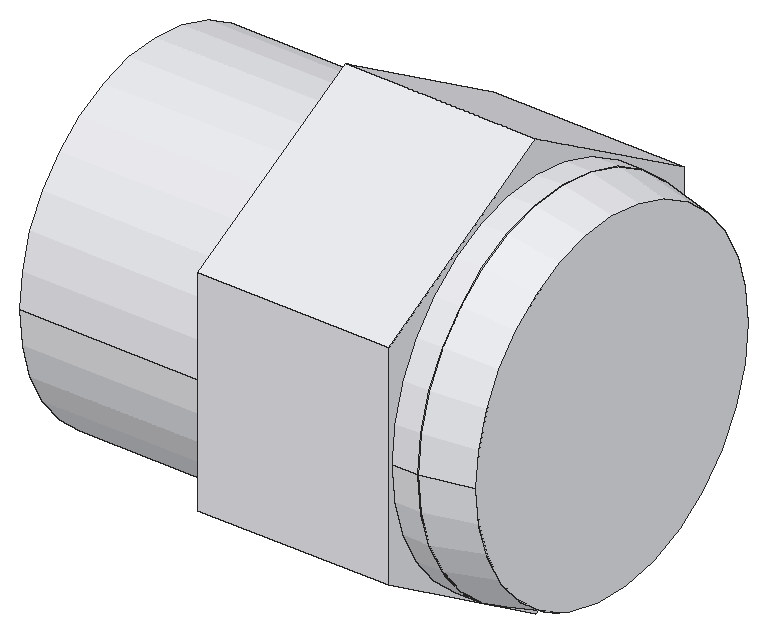
Revit family "PF_Соединение [фитинг полипропиленовый - переход на внутренюю резьбу VTp.702.0]1 - VALTEC", category Соединительные детали трубопроводов, Revit 2019
Family settings
  Размер круглого соединителя = Использовать диаметр
  Тип детали = Соединение
  На основе рабочей плоскости = Нет
  Всегда вертикально = Да
  При загрузке вырезать с полостями = Нет
  Общий = Нет
Parameters (values of type "VTp.702.0")
  Таблица = "PF_Соединение [фитинг полипропиленовый - переход на внутренюю резьбу VTp.702.0] - VALTEC"  # constant formula
  built-in parameter 1114238 [instance] = (empty or 0)
  Отразить [instance] = no
  Изготовитель = "VALTEC"  # constant formula
  l6 [instance] = if(Отразить, l1, l1 + l2)  # 30 mm
  l5 [instance] = if(Отразить, l1 + l3, l1)  # 15 mm
  l4 [instance] = if(Отразить, size_lookup(Таблица, "l1", 0 mm, d), size_lookup(Таблица, "l4", 0 mm, d))  # 3.9 mm
  l3 [instance] = size_lookup(Таблица, "l3", 0 mm, d)  # 2.1 mm
  l2 [instance] = size_lookup(Таблица, "l2", 0 mm, d)  # 15 mm
  l1 [instance] = if(Отразить, size_lookup(Таблица, "l4", 0 mm, d), size_lookup(Таблица, "l1", 0 mm, d))  # 15 mm
  dn6 [instance] = if(Отразить, size_lookup(Таблица, "dn5", 0 mm, d), size_lookup(Таблица, "dn6", 0 mm, d))  # 28.5 mm
  dn5 [instance] = if(Отразить, size_lookup(Таблица, "dn6", 0 mm, d), size_lookup(Таблица, "dn5", 0 mm, d))  # 26.8 mm
  dn4 [instance] = size_lookup(Таблица, "dn4", 0 mm, d)  # 33.6 mm
  dn3 [instance] = size_lookup(Таблица, "dn3", 0 mm, d)  # 28.5 mm
  x2 [instance] = if(Отразить, d, 1 mm)  # 1 mm
  dn2 [instance] = if(Отразить, size_lookup(Таблица, "dn1", 0 mm, d), size_lookup(Таблица, "dn2", 0 mm, d))  # 26.8 mm
  x1 [instance] = if(Отразить, 1 mm, d)  # 20 mm
  dn1 [instance] = if(Отразить, size_lookup(Таблица, "dn2", 0 mm, d), size_lookup(Таблица, "dn1", 0 mm, d))  # 26.8 mm
  dt [instance] = size_lookup(Таблица, "dt", 0 mm, d)  # 3.4 mm
  d [instance] = 20 mm
  C [instance] = size_lookup(Таблица, "C", 0 mm, d)  # 15 mm
  B [instance] = size_lookup(Таблица, "B", 0 mm, d)  # 15 mm
  ADSK_Примечание [instance] = ""
  ADSK_Позиция [instance] = ""
  ADSK_Обозначение [instance] = "VTp.702.0"  # constant formula
  ADSK_Наименование [instance] = size_lookup(Таблица, "", "Данный типоразмер отсутствует", d)  # "Фитинг полипропиленовый с переходом на внутреннюю резьбу 20 мм х 3/4\""
  ADSK_Материал = Пластик белый - VALTEC
  ADSK_Масса [instance] = size_lookup(Таблица, "Масса", 0, d)  # 0.044
  ADSK_Марка [instance] = size_lookup(Таблица, "Маркировка", "Данный типоразмер отсутствует", d)  # "20х3/4\""
  ADSK_Код изделия [instance] = size_lookup(Таблица, "Код продукта", "Данный типоразмер отсутствует", d)  # "VTp.702.0.02005"
  ADSK_Завод-изготовитель [instance] = "VALTEC"  # constant formula
  ADSK_Единица измерения [instance] = "шт."  # constant formula
  ADSK_URL страницы изделия = "https://valtec.ru/catalog/sistemy_polipropilenovyh_truboprovodov/polipropilenovye_fitingi/fiting_polipropilenovyj_s_perehodom_na_vnutrennyuyu_rezbu_vtp7020.html"
  ADSK_URL документации изделия = "https://valtec.ru/document/technical/VTp.700-fitingi-0419.pdf"
  A [instance] = size_lookup(Таблица, "A", 0 mm, d)  # 36 mm
Reference planes
  plane 1 "По центру (Вперед/Назад)": y = 0
  plane 2: z = 0
  plane 3 "По центру (Влево/Вправо)": x = 0
  plane 4: y = -10
  plane 5: y = 10
  plane 6: y = -0.5
  plane 7: y = 0.5
  plane 8: x = -18
  plane 9: x = 18
  plane 10: x = 14.1
  plane 11: x = 12
  plane 12: x = 12
  plane 13: x = -3
  plane 14: x = -3
  plane 15: x = 14.1
Forms (mm)
  Extrusion 1, solid, material "Пластик белый - VALTEC" <- "ADSK_Материал", detail levels medium+fine
    sketch origin (0, 0, 0) x (0, 1, 0) y (0, 0, 1)
      loop
        circle (0, 0) r 14.25
    from 14.1 to 12
  Blend 2, solid, material "Пластик белый - VALTEC" <- "ADSK_Материал", detail levels medium+fine
    base sketch origin (0, 0, 0) x (0, 1, 0) y (0, 0, 1)
      loop
        circle (0, 0) r 13.4
    top sketch origin (0, 0, 0) x (0, 1, 0) y (0, 0, 1)
      loop
        circle (0, 0) r 14.25
    from 18 to 14.1
  Blend 3, solid, material "Пластик белый - VALTEC" <- "ADSK_Материал", detail levels medium+fine
    base sketch origin (105, 0, 0) x (0, 1, 0) y (0, 0, -1)
      loop
        circle (0, 0) r 13.4
    top sketch origin (105, 0, 0) x (0, 1, 0) y (0, 0, -1)
      loop
        circle (0, 0) r 13.4
    from 108 to 123
Lines and regions (mm)
  model lines, detail levels coarse
    curve 1: line (18, 0.5, 0) -> (-18, 10, 0)
    curve 2: line (18, -0.5, 0) -> (-18, -10, 0)
    curve 3: line (18, -0.5, 0) -> (18, 0.5, 0)
    curve 4: line (-18, 10, 0) -> (-18, -10, 0)
Dimensions and locks
  equal spacing: plane 5, plane 1 "По центру (Вперед/Назад)", plane 4
  "x1": plane 5 to plane 4
  equal spacing: plane 6, plane 1 "По центру (Вперед/Назад)", plane 7
  "x2": plane 6 to plane 7
  equal spacing: plane 8, plane 3 "По центру (Влево/Вправо)", plane 9
  "A": plane 8 to plane 9
  "l3": plane 11 to plane 10
  "l2": plane 13 to plane 12
  "l1": plane 8 to plane 14
  "l4": plane 15 to plane 9
  "l5": plane 8 to plane 13
  "l6": plane 8 to plane 11
  "dn3": diameter of Extrusion 1 sketch curve
  "dn2": diameter of Blend 2 sketch curve
  "dn6": diameter of Blend 2 sketch curve
  "dn5": diameter of Blend 3 sketch curve
  "dn1": diameter of Blend 3 sketch curve
  aligned and locked: level to plane 2
  aligned and locked: plane 2 to Extrusion 1 sketch curve
  aligned and locked: plane 1 "По центру (Вперед/Назад)" to Extrusion 1 sketch curve
  aligned and locked: Extrusion 1 to plane 11
  aligned and locked: plane 10 to Extrusion 1
  aligned and locked: nested 1 to plane 13
  aligned and locked: plane 1 "По центру (Вперед/Назад)" to nested 1
  aligned and locked: plane 2 to Blend 2 sketch curve
  aligned and locked: plane 1 "По центру (Вперед/Назад)" to Blend 2 sketch curve  (x2)
  aligned and locked: level to Blend 2 sketch curve
  aligned and locked: plane 1 "По центру (Вперед/Назад)" to Blend 3 sketch curve  (x2)
  aligned and locked: plane 2 to Blend 3 sketch curve  (x2)
  aligned and locked: Blend 3 to plane 8
  aligned and locked: plane 14 to Blend 3
  aligned and locked: Blend 2 to plane 9
  aligned and locked: Blend 2 to plane 15
  aligned and locked: plane 9 to curve 1
  aligned and locked: plane 6 to curve 2
  aligned and locked: plane 7 to curve 3
  aligned and locked: curve 3 to plane 9
  aligned and locked: plane 5 to curve 1
  aligned and locked: plane 8 to curve 2
  aligned and locked: plane 4 to curve 4
  aligned and locked: curve 4 to plane 8
Nested families
  nested 1: "гайка" at (-3, 0, 0) x (0, -1, 0) z (0, 0, 1), Материал 1 <- "ADSK_Материал", L <- "l2", d <- "dn4", type "гайка", detail levels medium+fine
    with Материал 1 Пластик белый - VALTEC, m 29.098 mm, d 33.6 mm, L 15 mm
Connectors
  piping at (-18, 0, 0), diameter 20, driven by "d"
    settings: on Blend 3, index 1, connector inside diameter 609.6 mm, connector length 0 mm, flow factor 0, pipe flow 0.0 L/s, pressure drop 0.0 Pa, fitting loss kfactor 0, connector angle 0.00°, fixture units 0, engagement length 0 mm, angle of deflection 0.00°, flow configuration 0, flow direction 0, fitting loss method 0, system type 28, joint type 0, gender type 0, connector reference index 2, connector utility 0, adjustable connector no, is connector primary yes, connector description ""
  piping at (18, 0, 0), diameter 20
    settings: on Blend 2, index 2, connector inside diameter 609.6 mm, connector length 0 mm, flow factor 0, pipe flow 0.0 L/s, pressure drop 0.0 Pa, fitting loss kfactor 0, connector angle 0.00°, fixture units 0, engagement length 0 mm, angle of deflection 0.00°, flow configuration 0, flow direction 0, fitting loss method 0, system type 28, joint type 0, gender type 0, connector reference index 1, connector utility 0, adjustable connector no, is connector primary no, connector description ""
Definition of nested family "гайка"
  Parameters (values of type "гайка")
    Материал 1 [instance] = none
    m [instance] = (d / 2) / (2 * tan(180.00° / 6)) * 2  # 12.99 mm
    d [instance] = 15 mm
    L [instance] = 15.008 mm
  Reference planes
    plane 1 "По центру (Вперед/Назад)": y = 0
    plane 2: z = 0
    plane 3 "По центру (Влево/Вправо)": x = 0
    plane 4: x = -6.495
    plane 5: x = 6.495
    plane 6: z = 7.5
    plane 7: z = -7.5
    plane 8: through (-4.434, -1524, 2.56) normal (0.5, 0, 0.866)
    plane 9: through (4.434, -1524, 2.56) normal (0.5, 0, -0.866)
    plane 10: through (-1.187, -1524, 8.185) normal (0.5, 0, 0.866)
    plane 11: through (-7.682, -1524, -3.065) normal (0.5, 0, 0.866)
    plane 12: through (1.187, -1524, 8.185) normal (0.5, 0, -0.866)
    plane 13: through (7.682, -1524, -3.065) normal (0.5, 0, -0.866)
    plane 14: y = 15.008
  Forms (mm)
    Extrusion 1, solid, material <- "Материал 1"
      sketch origin (0, 0, 0) x (1, 0, 0) y (0, 0, 1)
        loop
          line (0, 7.5) -> (-6.495, 3.75) -> (-6.495, -3.75) -> (0, -7.5) -> (6.495, -3.75) -> (6.495, 3.75) -> (0, 7.5)
      from -15.008 to 0
  Dimensions and locks
    equal spacing: plane 5, plane 3 "По центру (Влево/Вправо)", plane 4
    "m": plane 5 to plane 4
    equal spacing: plane 6, plane 2, plane 7
    "d": plane 6 to plane 7
    equal spacing: plane 12, plane 9, plane 13
    "m": plane 12 to plane 13
    equal spacing: plane 10, plane 8, plane 11
    "m": plane 10 to plane 11
    "L": plane 1 "По центру (Вперед/Назад)" to plane 14
    aligned and locked: level to plane 2
    aligned and locked: Extrusion 1 sketch curve to plane 4
    aligned and locked: plane 12 to Extrusion 1 sketch curve
    aligned and locked: plane 10 to Extrusion 1 sketch curve
    aligned and locked: Extrusion 1 sketch curve to plane 5
    aligned and locked: Extrusion 1 sketch curve to plane 13
    aligned and locked: Extrusion 1 sketch curve to plane 11
    aligned and locked: plane 1 "По центру (Вперед/Назад)" to Extrusion 1
    aligned and locked: plane 14 to Extrusion 1
